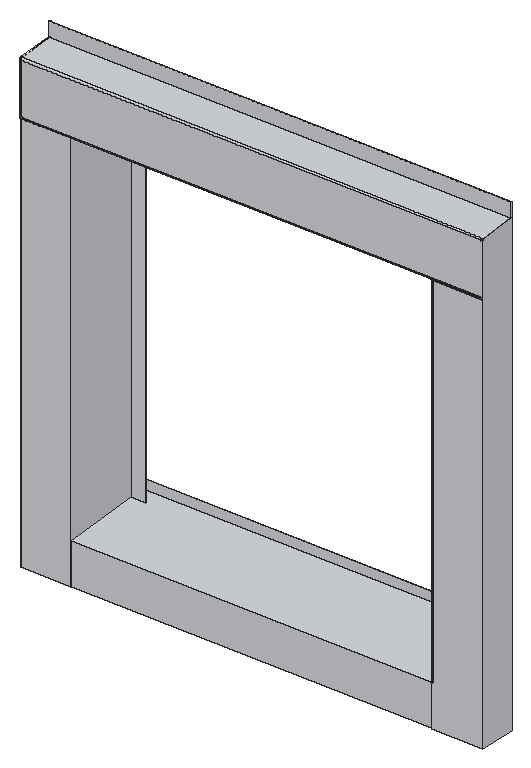
Revit family "Kader_KI_standaard", category Generic Models, Revit 2022
Family settings
  Can host rebar = No
  Round Connector Dimension = Use Diameter
  Part Type = Normal
  Work Plane-Based = No
  Always vertical = Yes
  Cut with Voids When Loaded = No
  Maintain Annotation Orientation = No
  Shared = No
  Room Calculation Point = No
Parameters
  URL = "https://www.meilofriks.nl/kaders/ki/"
  Model = "Kader KI"
  Kleur [instance] = none
  Hoogte_onderregel [instance] = 113 mm
  Hoogte_onderkant_kozijn [instance] = 1000 mm
  Hoogte_kozijn [instance] = 1000 mm
  Hoogte_bovenregel [instance] = 150 mm
  Hoek_waterslag [instance] = 5.00°
  Hoek_bovenzijde [instance] = 5.00°
  Diepte_waterslag [instance] = 150 mm
  Diepte_negge [instance] = 110 mm
  Diepte_kader [instance] = 100 mm
  Description = "Maatvoering in overleg met Meilof Riks BV"
  Breedte_zijstijl [instance] = 140 mm
  Default Elevation = 0 mm
  Breedte_kozijn [instance] = 1000 mm
  Assembly Code = "Kader KI"
Reference planes
  plane 1 "Center (Front/Back)": y = 0
  plane 2: z = 0
  plane 3 "Center (Left/Right)": x = 0
  plane 4: x = -500
  plane 5: x = 500
  plane 6: z = 2000
  plane 7: z = 1000
Dimensions and locks
  equal spacing: plane 5, plane 3 "Center (Left/Right)", plane 4
  "Breedte_kozijn": plane 5 to plane 4
  "Hoogte_kozijn": plane 6 to plane 7
  "Hoogte_onderkant_kozijn": plane 7 to level
  aligned and locked: level to plane 2
  aligned and locked: nested 1 to plane 1 "Center (Front/Back)"
  aligned and locked: nested 1 to plane 3 "Center (Left/Right)"
  aligned and locked: nested 1 to plane 6
  aligned and locked: plane 1 "Center (Front/Back)" to nested 2
  aligned and locked: plane 3 "Center (Left/Right)" to nested 3
  aligned and locked: plane 1 "Center (Front/Back)" to nested 3
  aligned and locked: plane 4 to nested 4
  aligned and locked: nested 4 to plane 1 "Center (Front/Back)"
  aligned and locked: plane 5 to nested 2
Nested families
  nested 1: "Kader_bovenregel" at (0, -101.2, 2000) x (-1, 0, 0) z (0, 0, 1), Breedte_kozijn <- "Breedte_kozijn", Breedte_zijstijl <- "Breedte_zijstijl", Diepte_negge <- "Diepte_negge", Diepte_kader <- "Diepte_kader", Hoogte_regel <- "Hoogte_bovenregel", Hoek <- "Hoek_bovenzijde", Kleur <- "Kleur", type "Kader_bovenregel"
    with Rad3 3 mm, Kleur none, Hoogte_regel 150 mm, Hoek_h 8.854 mm, Hoek 5.00°, Extrusie_R 640 mm, Extrusie_L -640 mm, Diepte_regel_a 101.2 mm, Diepte_negge 110 mm, Diepte_kader 100 mm, Breedte_zijstijl 140 mm, Breedte_kozijn 1000 mm
  nested 2: "Kader_zijstijl" at (500, 0, 1000), Diepte_kader <- "Diepte_kader", Breedte_zijstijl <- "Breedte_zijstijl", Diepte_negge <- "Diepte_negge", Hoogte_onderregel <- "Hoogte_onderregel", Hoogte_bovenregel <- "Hoogte_bovenregel", Hoogte_kozijn <- "Hoogte_kozijn", built-in parameter 1001360 <- "Hoogte_onderkant_kozijn", Hoek <- "Hoek_bovenzijde", Hoek_waterslag <- "Hoek_waterslag", Kleur <- "Kleur", type "Kader_zijstijl"
    with Kleur none, Hoogte_onderregel 113 mm, Hoogte_kozijn 1000 mm, Hoogte_bovenregel_min 148.8 mm, Hoogte_bovenregel 150 mm, Hoek_waterslag_h 8.749 mm, Hoek_waterslag 5.00°, Hoek_h 8.749 mm, Hoek 5.00°, Extrude_onder 138.8 mm, Extrude_2_neg -163 mm, Extrude_2 163 mm, Extrude_1 1208.749 mm, Diepte_negge 110 mm, Diepte_kader 100 mm, Breedte_zijstijl 140 mm
  nested 3: "Kader_onderregel" at (0, 0, 1000), Breedte_kozijn <- "Breedte_kozijn", Breedte_zijstijl <- "Breedte_zijstijl", Diepte_kader <- "Diepte_kader", Diepte_negge <- "Diepte_negge", Hoogte_regel_onder <- "Hoogte_onderregel", built-in parameter 1001360 <- "Hoogte_onderkant_kozijn", Hoek_waterslag <- "Hoek_waterslag", Diepte_waterslag <- "Diepte_waterslag", Kleur <- "Kleur", type "Kader_onderregel"
    with Void_start -111.8 mm, Void_end 208.749 mm, Kleur none, Hoogte_waterslag 8.749 mm, Hoogte_regel_onder_neg -113 mm, Hoogte_regel_onder 113 mm, Hoogte_lip 38.749 mm, Hoek_waterslag 5.00°, Extrusie_R 638.8 mm, Extrusie_L -638.8 mm, Diepte_waterslag 150 mm, Diepte_negge 110 mm, Diepte_kader_d 98.8 mm, Diepte_kader 100 mm, Breedte_zijstijl 140 mm, Breedte_kozijn 1000 mm, Begin_void 500 mm
  nested 4: "Kader_zijstijl" at (-500, 0, 1000) x (-1, 0, 0) z (0, 0, 1), Diepte_kader <- "Diepte_kader", Breedte_zijstijl <- "Breedte_zijstijl", Diepte_negge <- "Diepte_negge", Hoogte_onderregel <- "Hoogte_onderregel", Hoogte_bovenregel <- "Hoogte_bovenregel", Hoogte_kozijn <- "Hoogte_kozijn", built-in parameter 1001360 <- "Hoogte_onderkant_kozijn", Hoek <- "Hoek_bovenzijde", Hoek_waterslag <- "Hoek_waterslag", Kleur <- "Kleur", type "Kader_zijstijl"
    with Kleur none, Hoogte_onderregel 113 mm, Hoogte_kozijn 1000 mm, Hoogte_bovenregel_min 148.8 mm, Hoogte_bovenregel 150 mm, Hoek_waterslag_h 8.749 mm, Hoek_waterslag 5.00°, Hoek_h 8.749 mm, Hoek 5.00°, Extrude_onder 138.8 mm, Extrude_2_neg -163 mm, Extrude_2 163 mm, Extrude_1 1208.749 mm, Diepte_negge 110 mm, Diepte_kader 100 mm, Breedte_zijstijl 140 mm
Definition of nested family "Kader_bovenregel"
  Parameters (values of type "Kader_bovenregel")
    Rad_5 = 4.2 mm
    Rad3 [instance] = 3 mm
    Kleur [instance] = none
    Hoogte_regel [instance] = 180 mm
    Hoek_h [instance] = Diepte_regel_a * tan(Hoek)  # 10.604 mm
    Hoek [instance] = 5.00°
    Extrusie_R [instance] = (Breedte_kozijn + (2 * Breedte_zijstijl)) / 2  # 750 mm
    Extrusie_L [instance] = -Extrusie_R  # -750 mm
    Diepte_negge [instance] = 200 mm
    Diepte_regel_a [instance] = Diepte_kader + 1.2 mm  # 121.2 mm
    Diepte_kader [instance] = 120 mm
    Default Elevation = 0 mm
    Breedte_zijstijl [instance] = 250 mm
    Breedte_kozijn [instance] = 1000 mm
  Reference planes
    plane 1 "Center (Front/Back)": y = 0
    plane 2: z = 0
    plane 3 "Center (Left/Right)": x = 0
    plane 4: z = 180
    plane 5: y = -121.2
    plane 6: y = -32
    plane 7: y = -50.2
    plane 8: y = -68.4
    plane 9: z = 2
    plane 10: z = 190.604
    plane 11: z = 230.604
    plane 12: y = -321.2
    plane 13: x = -750
    plane 14: x = 750
    plane 15: z = 3.2
    plane 16: z = 1.2
  Forms (mm)
    Extrusion 1, solid, material <- "Kleur"
      sketch origin (0, 0, 0) x (0, 1, 0) y (0, 0, 1)
        loop
          line (0, 4.2) -> (0, 176.151)
          arc (0, 176.151) -> (-1.103, 178.989) -> (-3.834, 180.335) r 4.2
          line (-3.834, 180.335) -> (-120, 190.499) -> (-120, 230.604) -> (-121.2, 230.604) -> (-121.2, 1.2) -> (-320, 1.2) -> (-320, 20) -> (-321.2, 20) -> (-321.2, 0) -> (-68.4, 0) -> (-50.2, 2) -> (-32, 0) -> (-4.2, 0)
          arc (-4.2, 0) -> (-1.23, 1.23) -> (0, 4.2) r 4.2
      from 750 <- "Extrusie_R" to -750 <- "Extrusie_L"
    Extrusion 2, void
      sketch origin (750, 0, 0) x (0, -1, 0) y (0, 0, 1)
        loop
          line (121.252, 189.404) -> (3.939, 179.14)
          arc (3.939, 179.14) -> (1.988, 178.178) -> (1.2, 176.151) r 3
          line (1.2, 176.151) -> (1.2, 0) -> (321.2, 0) -> (321.2, 189.404) -> (121.252, 189.404)
      from 0 to 250 <- "Breedte_zijstijl"
    Extrusion 3, void
      sketch origin (-750, 0, 0) x (0, 1, 0) y (0, 0, 1)
        loop
          line (-3.939, 179.14) -> (-121.252, 189.404) -> (-321.2, 189.404) -> (-321.2, 0) -> (-1.2, 0) -> (-1.2, 176.151)
          arc (-1.2, 176.151) -> (-1.988, 178.178) -> (-3.939, 179.14) r 3
      from 0 to 250 <- "Breedte_zijstijl"
    Extrusion 4, void
      sketch origin (750, -1524, 426.691) x (0, 0, -1) y (0, -1, 0)
        loop
          line (425.491, -1519.8) -> (425.491, -1492) -> (423.491, -1473.8) -> (425.491, -1455.6) -> (425.491, -1402.8) -> (237.292, -1402.8) -> (247.551, -1520.061)
          arc (247.551, -1520.061) -> (248.513, -1522.012) -> (250.539, -1522.8) r 3
          line (250.539, -1522.8) -> (422.491, -1522.8)
          arc (422.491, -1522.8) -> (424.612, -1521.921) -> (425.491, -1519.8) r 3
      from 0 to 1500
  Cuts and joins
    Extrusion 2, Extrusion 3, Extrusion 4 cuts Extrusion 1
  Lines and regions (mm)
    reference lines
      curve 1: line (0, 0, 180) -> (0, -121.2, 190.604)
  Dimensions and locks
    "Diepte_regel_a": plane 1 "Center (Front/Back)" to plane 5
    "Hoogte_regel": plane 4 to level
    locked: plane 9 to plane 2 at 2
    locked: plane 1 "Center (Front/Back)" to plane 6 at 32
    locked: plane 6 to plane 7 at 18.2
    locked: plane 7 to plane 8 at 18.2
    "Hoek_h": plane 10 to plane 4
    locked: plane 11 to plane 10 at 40
    locked: Extrusion 1 sketch curve to plane 5 at 1.2
    locked: Extrusion 1 sketch curve to level at 1.2
    locked: Extrusion 1 sketch curve to plane 12 at 1.2
    "Diepte_negge": plane 5 to plane 12
    "Extrusie_R": plane 3 "Center (Left/Right)" to plane 13
    "Extrusie_R": plane 14 to plane 3 "Center (Left/Right)"
    locked: curve 1 to Extrusion 2 sketch curve at 1.2
    locked: plane 1 "Center (Front/Back)" to Extrusion 2 sketch curve at 1.2
    plane 10 to Extrusion 2 sketch curve = 1.2 mm
    locked: cut or joined group of Extrusion 1, Extrusion 2, Extrusion 3, Extrusion 4 to Extrusion 3 sketch curve at 1.2
    locked: plane 10 to Extrusion 3 sketch curve at 1.2
    locked: plane 1 "Center (Front/Back)" to Extrusion 3 sketch curve at 1.2
    locked: plane 16 to plane 2 at 1.2
    locked: plane 15 to plane 16 at 2
    locked: plane 1 "Center (Front/Back)" to Extrusion 4 sketch curve at 1.2
    locked: Extrusion 4 sketch curve to curve 1 at 1.2
    "Rad_5": radius of Extrusion 1 sketch curve  (x2)
    "Rad3": radius of Extrusion 2 sketch curve
    "Rad3": radius of Extrusion 3 sketch curve
    "Rad3": radius of Extrusion 4 sketch curve  (x2)
    aligned and locked: level to plane 2
    aligned and locked: plane 2 to Extrusion 1 sketch curve  (x2)
    aligned and locked: Extrusion 1 sketch curve to plane 12
    aligned and locked: plane 9 to Extrusion 1 sketch curve
    aligned and locked: plane 7 to Extrusion 1 sketch curve
    aligned and locked: plane 8 to Extrusion 1 sketch curve
    aligned and locked: plane 6 to Extrusion 1 sketch curve
    aligned and locked: plane 1 "Center (Front/Back)" to Extrusion 1 sketch curve
    aligned and locked: curve 1 to Extrusion 1 sketch curve
    aligned and locked: Extrusion 1 sketch curve to plane 11
    aligned and locked: Extrusion 1 sketch curve to plane 5
    aligned and locked: Extrusion 2 sketch curve to plane 2
    aligned and locked: Extrusion 2 sketch curve to plane 12
    aligned and locked: plane 2 to Extrusion 3 sketch curve
    aligned and locked: Extrusion 4 sketch curve to plane 16  (x2)
    aligned and locked: plane 15 to Extrusion 4 sketch curve
    aligned and locked: plane 5 to Extrusion 4 sketch curve
    aligned and locked: Extrusion 1 to Extrusion 4  (x2)
  Automatic sketch dimensions
    curve 1 to plane 5 = 0 mm
    curve 1 to plane 1 "Center (Front/Back)" = 0 mm
    curve 1 to plane 4 = 0 mm
    curve 1 to plane 10 = 0 mm
    plane 15 to Extrusion 1 sketch curve = 16.8 mm
    Extrusion 3 sketch curve to Extrusion 1 = 0 mm
    Extrusion 4 sketch curve to plane 6 = 0 mm
    Extrusion 4 sketch curve to plane 7 = 0 mm
    Extrusion 4 sketch curve to plane 8 = 0 mm
Definition of nested family "Kader_zijstijl"
  Parameters (values of type "Kader_zijstijl")
    Kleur [instance] = none
    Hoogte_onderregel [instance] = 150 mm
    Hoogte_kozijn [instance] = 1400 mm
    Hoogte_bovenregel_min [instance] = Hoogte_bovenregel - 1.2 mm  # 148.8 mm
    Hoogte_bovenregel [instance] = 150 mm
    Hoek_waterslag_h [instance] = Diepte_kader * tan(Hoek_waterslag)  # 43.744 mm
    Hoek_waterslag [instance] = 5.00°
    Hoek_h [instance] = Diepte_kader * tan(Hoek)  # 43.744 mm
    Hoek [instance] = 5.00°
    Extrude_onder [instance] = Breedte_zijstijl - 1.2 mm  # 198.8 mm
    Extrude_2_neg [instance] = -Extrude_2  # -200 mm
    Extrude_2 [instance] = Hoogte_onderregel + 50 mm  # 200 mm
    Extrude_1 [instance] = Hoogte_kozijn + Hoogte_bovenregel + Hoek_h + 50 mm  # 1643.744 mm
    Diepte_negge [instance] = 132.305 mm
    Diepte_kader [instance] = 500 mm
    Default Elevation = 0 mm
    Breedte_zijstijl [instance] = 200 mm
  Reference planes
    plane 1 "Center (Front/Back)": y = 0
    plane 2: z = 0
    plane 3 "Center (Left/Right)": x = 0
    plane 4: y = -500
    plane 5: x = 200
    plane 6: x = -40
    plane 7: y = 132.305
    plane 8: z = -200
    plane 9: z = 1643.744
    plane 10: z = 1400
    plane 11: z = -150
    plane 12: z = 1548.8
    plane 13: z = 1592.544
    plane 14: y = -498.8
    plane 15: z = -1.2
    plane 16: z = 43.744
    plane 17: x = 1.2
    plane 18: x = 198.8
  Forms (mm)
    Extrusion 1, solid, material <- "Kleur"
      sketch origin (0, 0, 0) x (1, 0, 0) y (0, 1, 0)
        loop
          line (-40, 132.305) -> (-40, 131.105) -> (0, 131.105) -> (0, -500) -> (200, -500) -> (200, 0) -> (1.2, 0) -> (1.2, 132.305) -> (-40, 132.305)
      from -200 <- "Extrude_2_neg" to 1643.744 <- "Extrude_1"
    Extrusion 2, void
      sketch origin (0, 0, 0) x (0, 1, 0) y (0, 0, 1)
        loop
          line (-500, 1548.8) -> (0, 1592.544) -> (0, 1400) -> (132.305, 1400) -> (132.305, 1643.744) -> (-500, 1643.744) -> (-500, 1548.8)
      from -40 to 200
    Extrusion 3, void
      sketch origin (0, 0, 0) x (0, 1, 0) y (0, 0, 1)
        loop
          line (-498.8, -200) -> (132.305, -200) -> (132.305, 55.347) -> (-498.8, 0) -> (-498.8, -200)
      from -50 to 198.8 <- "Extrude_onder"
    Extrusion 4, void
      sketch origin (0, 0, 0) x (0, 1, 0) y (0, 0, 1)
        loop
          line (132.305, -150) -> (-500, -150) -> (-500, -200) -> (132.305, -200) -> (132.305, -150)
      from -40 to 200
    Extrusion 5, void
      sketch origin (0, 0, 0) x (0, 1, 0) y (0, 0, 1)
        loop
          line (0, 1400) -> (0, 1592.544) -> (-500, 1548.8) -> (-500, 1400) -> (0, 1400)
      from 0 to 198.8 <- "Extrude_onder"
    Extrusion 6, void
      sketch origin (0, 0, 0) x (1, 0, 0) y (0, 1, 0)
        loop
          line (1.2, -498.8) -> (198.8, -498.8) -> (198.8, 0) -> (1.2, 0) -> (1.2, -498.8)
      from -150 to 1400
  Cuts and joins
    Extrusion 2, Extrusion 3, Extrusion 4, Extrusion 5, Extrusion 6 cuts Extrusion 1
  Lines and regions (mm)
    reference lines
      curve 1: line (0, -500, 1548.8) -> (0, 0, 1592.544)
      curve 2: line (0, -498.8, 0) -> (0, 0, 43.744)
  Dimensions and locks
    "Breedte_zijstijl": plane 3 "Center (Left/Right)" to plane 5
    "Diepte_kader": plane 4 to plane 1 "Center (Front/Back)"
    locked: plane 6 to plane 3 "Center (Left/Right)" at 40
    "Diepte_negge": plane 7 to plane 1 "Center (Front/Back)"
    locked: plane 7 to Extrusion 1 sketch curve at 1.2
    locked: plane 3 "Center (Left/Right)" to Extrusion 1 sketch curve at 1.2
    "Extrude_1": plane 9 to level
    "Extrude_2": plane 2 to plane 8
    "Hoogte_onderregel": plane 2 to plane 11
    "Hoogte_kozijn": plane 10 to plane 2
    "Hoogte_bovenregel_min": plane 12 to plane 10
    "Hoek_h": plane 13 to plane 12
    locked: plane 14 to plane 4 at 1.2
    locked: plane 2 to plane 15 at 1.2
    "Hoek_waterslag_h": plane 16 to plane 2
    locked: plane 3 "Center (Left/Right)" to plane 17 at 1.2
    Extrusion 6 to plane 3 "Center (Left/Right)" = 198.8 mm
    locked: plane 18 to plane 5 at 1.2
    aligned and locked: level to plane 2
    aligned and locked: Extrusion 1 sketch curve to plane 7
    aligned and locked: plane 3 "Center (Left/Right)" to Extrusion 1 sketch curve
    aligned and locked: plane 4 to Extrusion 1 sketch curve
    aligned and locked: plane 5 to Extrusion 1 sketch curve
    aligned and locked: plane 1 "Center (Front/Back)" to Extrusion 1 sketch curve
    aligned and locked: Extrusion 2 sketch curve to plane 9
    aligned and locked: plane 4 to Extrusion 2 sketch curve
    aligned and locked: Extrusion 2 sketch curve to plane 7
    aligned and locked: Extrusion 2 sketch curve to curve 1
    aligned and locked: Extrusion 2 to plane 5
    aligned and locked: Extrusion 2 to plane 6
    aligned and locked: plane 10 to Extrusion 2 sketch curve
    aligned and locked: Extrusion 2 sketch curve to plane 1 "Center (Front/Back)"
    aligned and locked: cut or joined group of Extrusion 1, Extrusion 2, Extrusion 3, Extrusion 4, Extrusion 5, Extrusion 6 to plane 5
    aligned and locked: Extrusion 3 sketch curve to plane 8
    aligned and locked: plane 14 to Extrusion 3 sketch curve
    aligned and locked: plane 7 to Extrusion 3 sketch curve
    aligned and locked: Extrusion 3 sketch curve to curve 2
    aligned and locked: plane 11 to Extrusion 4 sketch curve
    aligned and locked: plane 7 to Extrusion 4 sketch curve
    aligned and locked: Extrusion 4 sketch curve to plane 8
    aligned and locked: plane 4 to Extrusion 4 sketch curve
    aligned and locked: Extrusion 4 to plane 6
    aligned and locked: Extrusion 4 to plane 5
    aligned and locked: Extrusion 5 sketch curve to plane 1 "Center (Front/Back)"
    aligned and locked: Extrusion 5 sketch curve to plane 10
    aligned and locked: Extrusion 5 sketch curve to cut or joined group of Extrusion 1, Extrusion 2, Extrusion 3, Extrusion 4, Extrusion 5, Extrusion 6
    aligned and locked: plane 14 to Extrusion 6 sketch curve
    aligned and locked: plane 17 to Extrusion 6 sketch curve
    aligned and locked: Extrusion 6 sketch curve to plane 1 "Center (Front/Back)"
    aligned and locked: plane 10 to Extrusion 6
    aligned and locked: Extrusion 6 to plane 11
    aligned and locked: Extrusion 6 sketch curve to plane 18
    aligned and locked: Extrusion 5 sketch curve to plane 4
    aligned and locked: plane 13 to Extrusion 2 sketch curve
    aligned and locked: Extrusion 2 sketch curve to plane 12
  Automatic sketch dimensions
    Extrusion 1 sketch curve to plane 6 = 0 mm
    curve 1 to plane 4 = 0 mm
    curve 2 to level = 0 mm
    curve 2 to plane 14 = 0 mm
    curve 2 to plane 1 "Center (Front/Back)" = 0 mm
    curve 1 to plane 1 "Center (Front/Back)" = 0 mm
    curve 2 to plane 16 = 0 mm
    curve 1 to plane 12 = 0 mm
    curve 1 to plane 13 = 0 mm
Definition of nested family "Kader_onderregel"
  Parameters (values of type "Kader_onderregel")
    Void_start [instance] = Hoogte_regel_onder_neg + 1.2 mm  # -148.8 mm
    Void_end [instance] = 200 mm + Hoogte_waterslag  # 288.163 mm
    Kleur [instance] = none
    Hoogte_waterslag [instance] = Diepte_kader * tan(Hoek_waterslag)  # 88.163 mm
    Hoogte_regel_onder_neg [instance] = -Hoogte_regel_onder  # -150 mm
    Hoogte_regel_onder [instance] = 150 mm
    Hoogte_lip [instance] = 30 mm + Hoogte_waterslag  # 118.163 mm
    Hoek_waterslag [instance] = 10.00°
    Extrusie_R [instance] = Breedte_kozijn / 2 + (Breedte_zijstijl - 1.2 mm)  # 718.8 mm
    Extrusie_L [instance] = -Extrusie_R  # -718.8 mm
    Diepte_waterslag [instance] = 120 mm
    Diepte_negge [instance] = 100 mm
    Diepte_kader_d [instance] = Diepte_kader - 1.2 mm  # 498.8 mm
    Diepte_kader [instance] = 500 mm
    Default Elevation = 0 mm
    Breedte_zijstijl [instance] = 120 mm
    Breedte_kozijn [instance] = 1200 mm
    Begin_void [instance] = Breedte_kozijn / 2  # 600 mm
  Reference planes
    plane 1 "Center (Front/Back)": y = 0
    plane 2: z = 0
    plane 3 "Center (Left/Right)": x = 0
    plane 4: x = 718.8
    plane 5: x = -718.8
    plane 6: y = -498.8
    plane 7: z = -150
    plane 8: y = 120
    plane 9: z = 88.163
    plane 10: y = 118.8
    plane 11: z = 206.327
    plane 12: x = 600
    plane 13: x = -600
    plane 14: y = -497.6
    plane 15: z = -148.8
  Forms (mm)
    Extrusion 1, solid, material <- "Kleur"
      sketch origin (0, 0, 0) x (0, 1, 0) y (0, 0, 1)
        loop
          line (0, -150) -> (0, 86.945) -> (120, 108.155) -> (120, 206.327) -> (118.8, 206.327) -> (118.8, 109.162) -> (-498.8, 0) -> (-498.8, -150) -> (0, -150)
      from -718.8 <- "Extrusie_L" to 718.8 <- "Extrusie_R"
    Extrusion 2, void
      sketch origin (0, 0, 0) x (1, 0, 0) y (0, 1, 0)
        loop
          line (718.8, 120) -> (600, 120) -> (600, -498.8) -> (718.8, -498.8) -> (718.8, 120)
        loop
          line (-718.8, 120) -> (-718.8, -498.8) -> (-600, -498.8) -> (-600, 120) -> (-718.8, 120)
      from -148.8 <- "Void_start" to 288.163 <- "Void_end"
    Extrusion 3, void
      sketch origin (0, 0, 0) x (0, 1, 0) y (0, 0, 1)
        loop
          line (-497.6, -1.006) -> (-497.6, -148.8) -> (0, -148.8) -> (0, 86.945) -> (-497.6, -1.006)
      from -718.8 to 718.8
  Cuts and joins
    Extrusion 2, Extrusion 3 cuts Extrusion 1
  Lines and regions (mm)
    reference lines
      curve 1: line (0, -498.8, 0) -> (0, 0, 88.163)
  Dimensions and locks
    "Extrusie_R": plane 5 to plane 3 "Center (Left/Right)"
    "Extrusie_R": plane 3 "Center (Left/Right)" to plane 4
    "Hoogte_regel_onder": plane 2 to plane 7
    "Diepte_kader_d": plane 6 to plane 1 "Center (Front/Back)"
    "Diepte_waterslag": plane 1 "Center (Front/Back)" to plane 8
    "Hoogte_waterslag": plane 9 to level
    locked: plane 8 to plane 10 at 1.2
    "Hoogte_lip": plane 11 to plane 9
    curve 1 to Extrusion 1 sketch curve = 1.2 mm
    "Begin_void": plane 13 to plane 3 "Center (Left/Right)"
    "Begin_void": plane 3 "Center (Left/Right)" to plane 12
    locked: plane 6 to plane 14 at 1.2
    locked: plane 15 to plane 7 at 1.2
    cut or joined group of Extrusion 1, Extrusion 2, Extrusion 3 to Extrusion 3 sketch curve = 1.2 mm
    aligned and locked: level to plane 2
    aligned and locked: plane 11 to Extrusion 1 sketch curve
    aligned and locked: plane 10 to Extrusion 1 sketch curve
    aligned and locked: Extrusion 1 sketch curve to plane 8
    aligned and locked: Extrusion 1 sketch curve to curve 1
    aligned and locked: plane 1 "Center (Front/Back)" to Extrusion 1 sketch curve
    aligned and locked: Extrusion 1 sketch curve to plane 7
    aligned and locked: Extrusion 1 sketch curve to plane 6
    aligned and locked: plane 4 to Extrusion 2 sketch curve
    aligned and locked: plane 8 to Extrusion 2 sketch curve
    aligned and locked: plane 5 to Extrusion 2 sketch curve
    aligned and locked: Extrusion 2 sketch curve to plane 8
    aligned and locked: Extrusion 2 sketch curve to plane 13
    aligned and locked: Extrusion 3 sketch curve to plane 14
    aligned and locked: Extrusion 3 sketch curve to plane 15
    aligned and locked: Extrusion 3 sketch curve to plane 1 "Center (Front/Back)"
    aligned and locked: plane 4 to cut or joined group of Extrusion 1, Extrusion 2, Extrusion 3
    aligned and locked: cut or joined group of Extrusion 1, Extrusion 2, Extrusion 3 to plane 5
    aligned and locked: Extrusion 2 sketch curve to plane 6
    aligned and locked: plane 6 to Extrusion 2 sketch curve
  Automatic sketch dimensions
    curve 1 to level = 0 mm
    curve 1 to plane 6 = 0 mm
    curve 1 to plane 1 "Center (Front/Back)" = 0 mm
    curve 1 to plane 9 = 0 mm
    Extrusion 2 sketch curve to plane 12 = 0 mm
